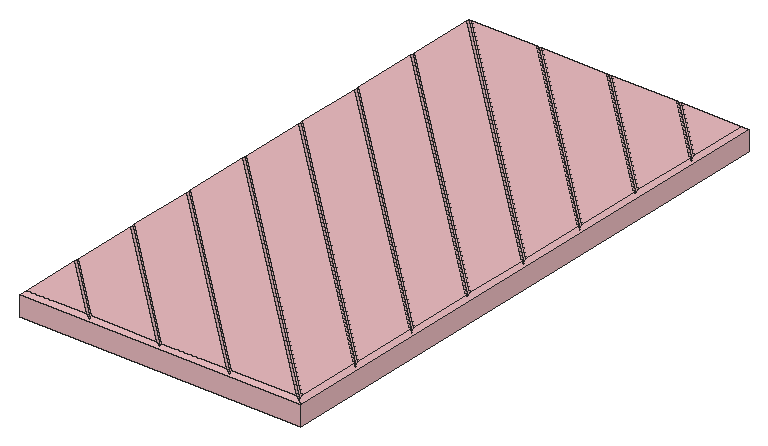
Revit family "DOWNHILL 2ft x 4ft", category Specialty Equipment, Revit 2023
Family settings
  Round Connector Dimension = Use Diameter
  Part Type = Normal
  OmniClass Number = 23.35.00.00
  OmniClass Title = Covering, Cladding, and Finishes
  Work Plane-Based = Yes
  Enable Cutting in Views = Yes
  Always vertical = No
  Cut with Voids When Loaded = No
  Maintain Annotation Orientation = No
  Shared = No
  Room Calculation Point = No
Parameters (values of type "2 INCH THICK - CUSTOM PAINTED - STANDARD")
  URL = "https://www.acousticalsurfaces.com/envirocoustic-wood-wool/designs/"
  Type Comments = "Acoustic panels for vertical and horizontal surfaces"
  Thickness = 0' - 2"
  Recycled Content Percentage = "0%"
  Model = "Envirocoustic Wood Wool"
  Material = "Envirocoustic Wood Wool"
  Manufacturer = "Acoustical Surfaces, Inc."
  Fire Rating = "ASTM E84 - Class A"
  Finish = Paint - Acoustical-Surfaces - Custom Painted
  Description = "Acoustic Panels"
  Default Elevation = 0' - 0"
  Backer Thickness = 0' - 1"
  Backer = no
  Assembly Code = "C30"
  Acoustics - NRC = "Sound absorption varies from NRC 0.45 to 0.95 based on installation method used when tested per ASTM C423."
Types (27): name | Thickness | Finish | Backer Thickness | Backer
  2 INCH THICK - CUSTOM PAINTED - STANDARD | 0' - 2" | Paint - Acoustical-Surfaces - Custom Painted | 0' - 1" | no
  2 INCH THICK - PRIMED WHITE - STANDARD | 0' - 2" | Paint - Acoustical-Surfaces - Primed White | 0' - 1" | no
  2 INCH THICK - PRIMED CLEAR - STANDARD | 0' - 2" | Paint - Acoustical-Surfaces - Primed Clear | 0' - 1" | no
  2 INCH THICK - PRIMED WHITE - 2 INCH CFAB BACKER | 0' - 2" | Paint - Acoustical-Surfaces - Primed White | 0' - 2" | yes
  2 INCH THICK - PRIMED WHITE - 1 INCH CFAB BACKER | 0' - 2" | Paint - Acoustical-Surfaces - Primed White | 0' - 1" | yes
  2 INCH THICK - PRIMED CLEAR - 2 INCH CFAB BACKER | 0' - 2" | Paint - Acoustical-Surfaces - Primed Clear | 0' - 2" | yes
  2 INCH THICK - PRIMED CLEAR - 1 INCH CFAB BACKER | 0' - 2" | Paint - Acoustical-Surfaces - Primed Clear | 0' - 1" | yes
  2 INCH THICK - CUSTOM PAINTED - 2 INCH CFAB BACKER | 0' - 2" | Paint - Acoustical-Surfaces - Custom Painted | 0' - 2" | yes
  2 INCH THICK - CUSTOM PAINTED - 1 INCH CFAB BACKER | 0' - 2" | Paint - Acoustical-Surfaces - Custom Painted | 0' - 1" | yes
  1-3/8 INCH THICK - CUSTOM PAINTED - STANDARD | 0' - 1 3/8" | Paint - Acoustical-Surfaces - Custom Painted | 0' - 1" | no
  1-3/8 INCH THICK - PRIMED WHITE - STANDARD | 0' - 1 3/8" | Paint - Acoustical-Surfaces - Primed White | 0' - 1" | no
  1-3/8 INCH THICK - PRIMED CLEAR - STANDARD | 0' - 1 3/8" | Paint - Acoustical-Surfaces - Primed Clear | 0' - 1" | no
  1-3/8 INCH THICK - PRIMED WHITE - 2 INCH CFAB BACKER | 0' - 1 3/8" | Paint - Acoustical-Surfaces - Primed White | 0' - 2" | yes
  1-3/8 INCH THICK - PRIMED WHITE - 1 INCH CFAB BACKER | 0' - 1 3/8" | Paint - Acoustical-Surfaces - Primed White | 0' - 1" | yes
  1-3/8 INCH THICK - PRIMED CLEAR - 2 INCH CFAB BACKER | 0' - 1 3/8" | Paint - Acoustical-Surfaces - Primed Clear | 0' - 2" | yes
  1-3/8 INCH THICK - PRIMED CLEAR - 1 INCH CFAB BACKER | 0' - 1 3/8" | Paint - Acoustical-Surfaces - Primed Clear | 0' - 1" | yes
  1-3/8 INCH THICK - CUSTOM PAINTED - 2 INCH CFAB BACKER | 0' - 1 3/8" | Paint - Acoustical-Surfaces - Custom Painted | 0' - 2" | yes
  1-3/8 INCH THICK - CUSTOM PAINTED - 1 INCH CFAB BACKER | 0' - 1 3/8" | Paint - Acoustical-Surfaces - Custom Painted | 0' - 1" | yes
  1 INCH THICK - CUSTOM PAINTED - STANDARD | 0' - 1" | Paint - Acoustical-Surfaces - Custom Painted | 0' - 1" | no
  1 INCH THICK - PRIMED WHITE - STANDARD | 0' - 1" | Paint - Acoustical-Surfaces - Primed White | 0' - 1" | no
  1 INCH THICK - PRIMED CLEAR - STANDARD | 0' - 1" | Paint - Acoustical-Surfaces - Primed Clear | 0' - 1" | no
  1 INCH THICK - PRIMED WHITE - 2 INCH CFAB BACKER | 0' - 1" | Paint - Acoustical-Surfaces - Primed White | 0' - 2" | yes
  1 INCH THICK - PRIMED WHITE - 1 INCH CFAB BACKER | 0' - 1" | Paint - Acoustical-Surfaces - Primed White | 0' - 1" | yes
  1 INCH THICK - PRIMED CLEAR - 2 INCH CFAB BACKER | 0' - 1" | Paint - Acoustical-Surfaces - Primed Clear | 0' - 2" | yes
  1 INCH THICK - PRIMED CLEAR - 1 INCH CFAB BACKER | 0' - 1" | Paint - Acoustical-Surfaces - Primed Clear | 0' - 1" | yes
  1 INCH THICK - CUSTOM PAINTED - 2 INCH CFAB BACKER | 0' - 1" | Paint - Acoustical-Surfaces - Custom Painted | 0' - 2" | yes
  1 INCH THICK - CUSTOM PAINTED - 1 INCH CFAB BACKER | 0' - 1" | Paint - Acoustical-Surfaces - Custom Painted | 0' - 1" | yes
Reference planes (in)
  plane 1 "Center (Front/Back)": y = 0
  plane 2: z = 0
  plane 3 "Center (Left/Right)": x = 0
  plane 4: x = -12
  plane 5: x = 12
  plane 6: y = 24
  plane 7: y = -24
  plane 8: z = 2
  plane 9: z = -1
Forms (in)
  Extrusion 1, solid, material "Paint - Acoustical-Surfaces - Custom Painted" <- "Finish"
    sketch origin (0, 0, 0) x (1, 0, 0) y (0, 1, 0)
      loop
        line (12, 24) -> (-12, 24) -> (-12, -24) -> (12, -24) -> (12, 24)
    from 0 to 2
  Sweep 2, void
    path in 3D
      loop
        line (12, 24, 2) -> (-12, 24, 2) -> (-12, -24, 2) -> (12, -24, 2) -> (12, 24, 2)
    profile "Triangle : Family2" origin (12, 0, 2) x (-1, 0, 0) y (0, 0, 1)
      loop
        line (0, 0) -> (0, -0.315) -> (0.315, 0) -> (0, 0)
  Extrusion 3, solid, visible <- "Backer"
    sketch origin (0, 0, 0) x (1, 0, 0) y (0, 1, 0)
      loop
        line (12, 24) -> (-12, 24) -> (-12, -24) -> (12, -24) -> (12, 24)
    from 0 to -1
  Sweep 4, void
    path origin (0, 0, 2) x (1, 0, 0) y (0, 1, 0)
      loop
        line (6.00002, 24) -> (12.00002, 18)
    profile "Groove : Family2" origin (9.00002, 21, 2) x (0.707107, 0.707107, 0) y (0, 0, 1)
      loop
        line (-0.1575, 0) -> (0, -0.1575) -> (0.1575, 0) -> (-0.1575, 0)
  Sweep 5, void
    path origin (0, 0, 2) x (1, 0, 0) y (0, 1, 0)
      loop
        line (0, 24) -> (12, 12)
    profile "Groove : Family2" origin (6, 18, 2) x (0.707107, 0.707107, 0) y (0, 0, 1)
      loop
        line (-0.1575, 0) -> (0, -0.1575) -> (0.1575, 0) -> (-0.1575, 0)
  Sweep 6, void
    path origin (0, 0, 2) x (1, 0, 0) y (0, 1, 0)
      loop
        line (-6.00002, 24) -> (12, 6)
    profile "Groove : Family2" origin (2.99999, 15, 2) x (0.707106, 0.707107, 0) y (0, 0, 1)
      loop
        line (-0.1575, 0) -> (0, -0.1575) -> (0.1575, 0) -> (-0.1575, 0)
  Sweep 7, void
    path origin (0, 0, 2) x (1, 0, 0) y (0, 1, 0)
      loop
        line (-12, 24) -> (12, 0)
    profile "Groove : Family2" origin (0, 12, 2) x (0.707107, 0.707107, 0) y (0, 0, 1)
      loop
        line (-0.1575, 0) -> (0, -0.1575) -> (0.1575, 0) -> (-0.1575, 0)
  Sweep 8, void
    path origin (0, 0, 2) x (1, 0, 0) y (0, 1, 0)
      loop
        line (-12, 18) -> (12, -6)
    profile "Groove : Family2" origin (0, 6, 2) x (0.707107, 0.707107, 0) y (0, 0, 1)
      loop
        line (-0.1575, 0) -> (0, -0.1575) -> (0.1575, 0) -> (-0.1575, 0)
  Sweep 9, void
    path origin (0, 0, 2) x (1, 0, 0) y (0, 1, 0)
      loop
        line (-12, 12) -> (12, -12)
    profile "Groove : Family2" origin (0, 0, 2) x (0.707107, 0.707107, 0) y (0, 0, 1)
      loop
        line (-0.1575, 0) -> (0, -0.1575) -> (0.1575, 0) -> (-0.1575, 0)
  Sweep 10, void
    path origin (0, 0, 2) x (1, 0, 0) y (0, 1, 0)
      loop
        line (-12, 6) -> (12, -18)
    profile "Groove : Family2" origin (0, -6, 2) x (0.707107, 0.707107, 0) y (0, 0, 1)
      loop
        line (-0.1575, 0) -> (0, -0.1575) -> (0.1575, 0) -> (-0.1575, 0)
  Sweep 11, void
    path origin (0, 0, 2) x (1, 0, 0) y (0, 1, 0)
      loop
        line (-12, 0) -> (12, -24)
    profile "Groove : Family2" origin (0, -12, 2) x (0.707107, 0.707107, 0) y (0, 0, 1)
      loop
        line (-0.1575, 0) -> (0, -0.1575) -> (0.1575, 0) -> (-0.1575, 0)
  Sweep 12, void
    path origin (0, 0, 2) x (1, 0, 0) y (0, 1, 0)
      loop
        line (-12, -6) -> (6.00002, -24.00002)
    profile "Groove : Family2" origin (-2.99999, -15.00001, 2) x (0.707107, 0.707107, 0) y (0, 0, 1)
      loop
        line (-0.1575, 0) -> (0, -0.1575) -> (0.1575, 0) -> (-0.1575, 0)
  Sweep 13, void
    path origin (0, 0, 2) x (1, 0, 0) y (0, 1, 0)
      loop
        line (-12, -12) -> (0, -24)
    profile "Groove : Family2" origin (-6, -18, 2) x (0.707107, 0.707107, 0) y (0, 0, 1)
      loop
        line (-0.1575, 0) -> (0, -0.1575) -> (0.1575, 0) -> (-0.1575, 0)
  Sweep 14, void
    path origin (0, 0, 2) x (1, 0, 0) y (0, 1, 0)
      loop
        line (-12, -18) -> (-6.00002, -24)
    profile "Groove : Family2" origin (-9.00001, -21, 2) x (0.707108, 0.707106, 0) y (0, 0, 1)
      loop
        line (-0.1575, 0) -> (0, -0.1575) -> (0.1575, 0) -> (-0.1575, 0)
Cuts and joins
  Sweep 2, Sweep 4, Sweep 5, Sweep 6, Sweep 7, Sweep 8, Sweep 9, Sweep 10, Sweep 11, Sweep 12, Sweep 13, Sweep 14 cuts Extrusion 1
Lines and regions (in)
  sketch lines
    curve 1: line (12, -24, 2) -> (12, 24, 2)
    curve 2: line (-12, -24, 2) -> (12, -24, 2)
    curve 3: line (-12, 24, 2) -> (-12, -24, 2)
    curve 4: line (12, 24, 2) -> (-12, 24, 2)
Dimensions and locks (in)
  equal spacing: plane 4, plane 3 "Center (Left/Right)", plane 5
  equal spacing: plane 7, plane 1 "Center (Front/Back)", plane 6
  plane 7 to plane 6 = 4' - 0"
  locked: plane 4 to plane 5 at 24
  "Thickness": plane 8 to level
  "Backer Thickness": level to plane 9
  aligned and locked: level to plane 2
  aligned and locked: Extrusion 1 sketch curve to plane 4
  aligned and locked: plane 5 to Extrusion 1 sketch curve
  aligned and locked: Extrusion 1 sketch curve to plane 6
  aligned and locked: Extrusion 1 sketch curve to plane 7
  aligned and locked: Extrusion 1 to plane 8
  aligned and locked: Extrusion 3 sketch curve to plane 4
  aligned and locked: plane 5 to Extrusion 3 sketch curve
  aligned and locked: Extrusion 3 sketch curve to plane 6
  aligned and locked: Extrusion 3 sketch curve to plane 7
  aligned and locked: plane 9 to Extrusion 3
